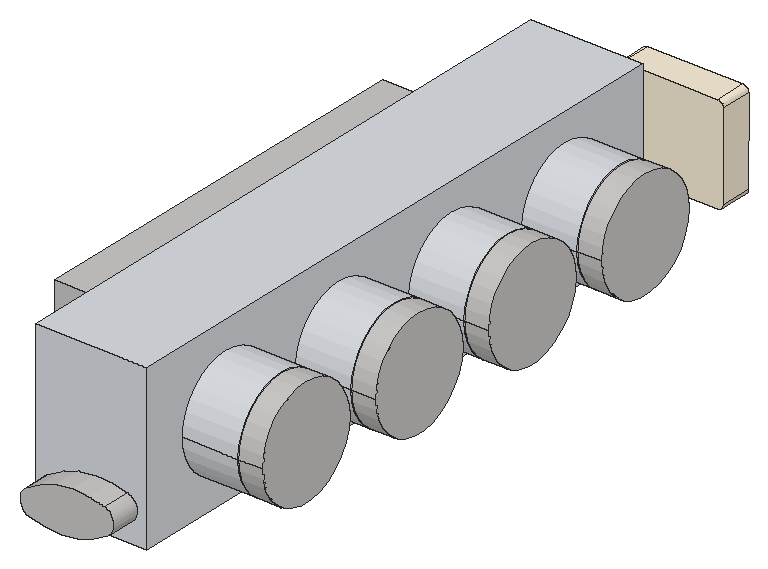
Revit family "HVAC_Ductwork_Airzone_Motorized-Plenum_LG_Standard_4-Dampers", category Mechanical Equipment, Revit 2016
Family settings
  Part Type = Normal
  Round Connector Dimension = Use Diameter
  OmniClass Number = 23.75.70.14
  OmniClass Title = Air Ductwork
  Work Plane-Based = No
  Always vertical = Yes
  Cut with Voids When Loaded = No
  Shared = No
  Room Calculation Point = No
Parameters (values of type "LGEST01S4")
  Voltage = 230 V
  URL = "www.airzone.es"
  Type Image Comments = "Image available in product documentation download"  # constant formula
  Revit Model Version = "1.0"  # constant formula
  Revit Model Author URL = "www.a3d.es"
  Revit Model Author = "A3D Consulting"  # constant formula
  Product Documentation Download URL = "http://doc.airzone.es/BIM/Easyzone/LG-Airzone_motorized_plenum.zip"
  Product Comments = "Refer to technical documentation for further details"  # constant formula
  Power Factor = 1
  Neck Width = 753.600 mm
  Neck Length = 95.000 mm
  Neck Height = 166.600 mm
  Material = Metal - AIRZONE - Galvanized Sheet - Semi-polished
  Main Control Board Material = Plastic - AIRZONE - Smooth - Off-white
  Load Classification = Other
  Insulated Body Width = 205.000 mm  # constant formula
  Insulated Body Material = Metal -AIRZONE - Insulating Lining -Aluminum Finish
  Insulated Body Length = 1140.000 mm  # constant formula
  Insulated Body Height = 300.000 mm  # constant formula
  Flow [instance] = Damper 4 Air Flow + Damper 3 Air Flow + Damper 2 Air Flow + Damper 1 Air Flow - Fresh Air Inlet 2 Flow - Fresh Air Inlet 1 Flow  # 1200 m³/h
  Fresh Air Inlet 1 Flow [instance] = 0 m³/h
  Fresh Air Inlet 2 Flow [instance] = 0 m³/h
  Fresh Air Inlet Connection Width = 175.000 mm
  Fresh Air Inlet Connection Height = 75.000 mm
  Model = "LGEST01S4"
  Neck Side Offset = 223.200 mm
  Neck Bottom Offset = 100.200 mm
  Type Image = <None>
  Manufacturer = "AIRZONE"  # constant formula
  Main Control Board Depth = 57.000 mm  # constant formula
  Main Control Board Width = 195.000 mm  # constant formula
  Main Control Board Height = 180.000 mm  # constant formula
  Fixing = ""
  Disclaimer = "All information provided in this model is reviewed before being published. However, Airzone cannot guarantee this model is error-free, therefore users are strongly encouraged to check for technical documentation and updates"  # constant formula
  Description = "Airzone standard motorized plenum with neck that mechanically adapts to the main ducted AC units of LG."
  Type Comments = ""
  Dampers Length = 149.000 mm  # constant formula
  Dampers Diameter = 200.000 mm  # constant formula
  Damper 4 Air Flow [instance] = 300 m³/h
  Damper 1 Air Flow [instance] = 300 m³/h
  Damper 2 Air Flow [instance] = 300 m³/h
  Damper 3 Air Flow [instance] = 300 m³/h
  Fresh Air Inlet Connection Offset Height = 48.305 mm  # constant formula
  Compatible Accesories = ""
  Apparent Load = 57.5 VA
Types (4, lengths in mm): name | Neck Width | Neck Height | Model | Neck Side Offset | Neck Bottom Offset
  LGEST02M4 | 860.600 | 203.600 | "LGEST02M4" | 139.700 | 63.200
  LGEST02S4 | 860.600 | 203.600 | "LGEST02S4" | 139.850 | 63.200
  LGEST01M4 | 833.600 | 189.600 | "LGEST01M4" | 164.200 | 77.200
  LGEST01S4 | 753.600 | 166.600 | "LGEST01S4" | 223.200 | 100.200
Reference planes
  plane 1 "Center (Front/Back)": y = 0
  plane 2 "Center (Elevation)": z = 0
  plane 3 "Center (Left/Right)": x = 0
  plane 4 "Neck Back": y = 376.8
  plane 5 "Neck Front": y = -376.8
  plane 6 "Neck Top": z = 83.3
  plane 7 "Neck Bottom": z = -83.3
  plane 8 "Left": x = 95
  plane 9 "Bottom": z = -183.5
  plane 10 "Top": z = 116.5
  plane 11 "Front": y = -540
  plane 12 "Back": y = 600
  plane 13 "Right": x = 300
  plane 14 "Dampers Front": x = 449
  plane 15 "Dampers Center (Elevation)": z = -33.5
  plane 16 "Damper3": y = -100
  plane 17 "Damper2": y = 160
  plane 18 "Damper1": y = 420
  plane 19 "Middle": y = 30
  plane 20 "FreshAir Center (Elevation)": z = -135.195
  plane 21 "FreshAir1": y = 652.5
  plane 22 "FreshAir2": y = -592.5
  plane 23 "Dampers Lining": x = 404
  plane 24 "FreshAir Vertical Axis": x = 195.83
  plane 25 "ConnectionBox Side": x = 254
  plane 26 "Main Control Board Center (Left/Right)": x = 351.5
  plane 27 "Damper4": y = -360
Forms (mm)
  Extrusion 1, solid, material "Metal - AIRZONE - Galvanized Sheet - Semi-polished" <- "Material"
    sketch origin (0, 0, 0) x (0, 1, 0) y (0, 0, 1)
      loop
        line (-376.8, 83.3) -> (-376.8, -83.3) -> (376.8, -83.3) -> (376.8, 83.3) -> (-376.8, 83.3)
    from 0 to 95
  Extrusion 2, solid, material "Metal -AIRZONE - Insulating Lining -Aluminum Finish" <- "Insulated Body Material"
    sketch origin (95, 0, 0) x (0, 1, 0) y (0, 0, 1)
      loop
        line (-540, 116.5) -> (-540, -183.5) -> (600, -183.5) -> (600, 116.5) -> (-540, 116.5)
    from 0 to 205
  Extrusion 3, solid, material "Metal - AIRZONE - Galvanized Sheet - Semi-polished" <- "Material"
    sketch origin (300, 0, 0) x (0, 1, 0) y (0, 0, 1)
      loop
        circle (-100, -33.5) r 100
    from 104 to 149
  Extrusion 4, solid, material "Metal - AIRZONE - Galvanized Sheet - Semi-polished" <- "Material"
    sketch origin (300, 0, 0) x (0, 1, 0) y (0, 0, 1)
      loop
        circle (160, -33.5) r 100
    from 104 to 149
  Extrusion 5, solid, material "Metal - AIRZONE - Galvanized Sheet - Semi-polished" <- "Material"
    sketch origin (300, 0, 0) x (0, 1, 0) y (0, 0, 1)
      loop
        circle (420, -33.5) r 100
    from 104 to 149
  Extrusion 6, solid, material "Metal - AIRZONE - Galvanized Sheet - Semi-polished" <- "Material"
    sketch origin (0, -540, 0) x (0, 0, 1) y (1, 0, 0)
      loop
        arc (-102.641, 265.204) -> (-124.108, 282.105) -> (-148.812, 270.434) r 25.96
        arc (-148.812, 270.434) -> (-174.802, 200.598) -> (-167.349, 126.456) r 164.67
        arc (-167.349, 126.456) -> (-146.165, 109.589) -> (-121.494, 120.751) r 25.96
        arc (-121.494, 120.751) -> (-95.225, 190.78) -> (-102.641, 265.204) r 164.67
    from 0 to -52.5
  Extrusion 7, solid, material "Metal - AIRZONE - Galvanized Sheet - Semi-polished" <- "Material"
    sketch origin (0, 600, 0) x (0, 0, 1) y (1, 0, 0)
      loop
        arc (-102.641, 265.204) -> (-123.825, 282.071) -> (-148.496, 270.909) r 25.96
        arc (-148.496, 270.909) -> (-174.679, 201.53) -> (-167.767, 127.699) r 164.67
        arc (-167.767, 127.699) -> (-146.532, 109.637) -> (-121.178, 121.226) r 25.96
        arc (-121.178, 121.226) -> (-95.188, 191.062) -> (-102.641, 265.204) r 164.67
    from 0 to 52.5
  Extrusion 8, solid, material "Metal -AIRZONE - Insulating Lining -Aluminum Finish" <- "Insulated Body Material"
    sketch origin (300, 0, 0) x (0, 1, 0) y (0, 0, 1)
      loop
        circle (420, -33.5) r 100
    from 0 to 104
  Extrusion 9, solid, material "Metal -AIRZONE - Insulating Lining -Aluminum Finish" <- "Insulated Body Material"
    sketch origin (300, -260, 0) x (0, 1, 0) y (0, 0, 1)
      loop
        circle (420, -33.5) r 100
    from 0 to 104
  Extrusion 10, solid, material "Metal -AIRZONE - Insulating Lining -Aluminum Finish" <- "Insulated Body Material"
    sketch origin (300, -520, 0) x (0, 1, 0) y (0, 0, 1)
      loop
        circle (420, -33.5) r 100
    from 0 to 104
  Extrusion 11, solid, material "Metal - AIRZONE - Galvanized Sheet - Semi-polished" <- "Material"
    sketch origin (300, -190, 0) x (0, 1, 0) y (0, 0, 1)
      loop
        circle (-170, -33.5) r 100
    from 104 to 149
  Extrusion 12, solid, material "Metal -AIRZONE - Insulating Lining -Aluminum Finish" <- "Insulated Body Material"
    sketch origin (300, -710, 0) x (0, 1, 0) y (0, 0, 1)
      loop
        circle (350, -33.5) r 100
    from 0 to 104
Lines and regions (mm)
  Masking region 1
    outline origin (0, 0, 0) x (1, 0, 0) y (0, 1, 0)
      loop
        line (95, 600) -> (95, -540) -> (300, -540) -> (300, 600) -> (95, 600)
  Masking region 2, detail levels medium+fine
    outline origin (0, 0, 0) x (1, 0, 0) y (0, 1, 0)
      loop
        line (0, 376.8) -> (0, -376.8) -> (95, -376.8) -> (95, 376.8) -> (0, 376.8)
  Masking region 3, detail levels medium+fine
    outline origin (0, 0, 0) x (1, 0, 0) y (0, 1, 0)
      loop
        line (300, 0) -> (300, -200) -> (449, -200) -> (449, 0) -> (300, 0)
  Masking region 4, detail levels medium+fine
    outline origin (0, 260, 0) x (1, 0, 0) y (0, 1, 0)
      loop
        line (300, 0) -> (300, -200) -> (449, -200) -> (449, 0) -> (300, 0)
  Masking region 5, detail levels medium+fine
    outline origin (0, 520, 0) x (1, 0, 0) y (0, 1, 0)
      loop
        line (300, 0) -> (300, -200) -> (449, -200) -> (449, 0) -> (300, 0)
  Masking region 6, detail levels medium+fine
    outline origin (0, 0, -135.195) x (1, 0, 0) y (0, 1, 0)
      loop
        line (108.33, 652.5) -> (108.33, 600) -> (283.33, 600) -> (283.33, 652.5) -> (108.33, 652.5)
  Masking region 7, detail levels medium+fine
    outline origin (0, 0, -135.195) x (1, 0, 0) y (0, 1, 0)
      loop
        line (108.33, -540) -> (108.33, -592.5) -> (283.33, -592.5) -> (283.33, -540) -> (108.33, -540)
  Masking region 8, detail levels medium+fine
    outline origin (0, 0, 116.5) x (0, -1, 0) y (1, 0, 0)
      loop
        line (-657, 254) -> (-600, 254) -> (-600, 449) -> (-657, 449) -> (-657, 254)
  Masking region 9, detail levels medium+fine
    outline origin (0, -190, 0) x (1, 0, 0) y (0, 1, 0)
      loop
        line (300, -70) -> (300, -270) -> (449, -270) -> (449, -70) -> (300, -70)
  symbolic lines, detail levels coarse
    curve 1: line (95, -540, 0) -> (300, 30, 0)
    curve 2: line (300, 30, 0) -> (95, 600, 0)
Dimensions and locks
  equal spacing: plane 4 "Neck Back", plane 1 "Center (Front/Back)", plane 5 "Neck Front"
  "Neck Width": plane 4 "Neck Back" to plane 5 "Neck Front"
  equal spacing: plane 6 "Neck Top", level, plane 7 "Neck Bottom"
  "Neck Height": plane 6 "Neck Top" to plane 7 "Neck Bottom"
  "Neck Length": plane 3 "Center (Left/Right)" to plane 8 "Left"
  "Neck Bottom Offset": plane 7 "Neck Bottom" to plane 9 "Bottom"
  "Insulated Body Height": plane 10 "Top" to plane 9 "Bottom"
  "Insulated Body Length": plane 12 "Back" to plane 11 "Front"
  "Insulated Body Width": plane 8 "Left" to plane 13 "Right"
  "Dampers Length": plane 13 "Right" to plane 14 "Dampers Front"
  equal spacing: plane 10 "Top", plane 15 "Dampers Center (Elevation)", plane 9 "Bottom"
  equal spacing: plane 12 "Back", plane 19 "Middle", plane 11 "Front"
  plane 8 "Left" to plane 13 "Right" = 205.000 mm
  "Fresh Air Inlet Connection Offset Height": plane 20 "FreshAir Center (Elevation)" to plane 9 "Bottom"
  locked: Extrusion 6 sketch curve to plane 9 "Bottom" at 56.47
  locked: plane 13 "Right" to Extrusion 6 sketch curve at 43.69
  locked: plane 13 "Right" to Extrusion 6 sketch curve at 164.65
  locked: Extrusion 6 sketch curve to plane 9 "Bottom" at 40.54
  locked: plane 13 "Right" to Extrusion 6 sketch curve at 87.91
  locked: plane 9 "Bottom" to Extrusion 6 sketch curve at 75.01
  locked: plane 13 "Right" to Extrusion 6 sketch curve at 120.43
  locked: Extrusion 6 sketch curve to plane 9 "Bottom" at 172.02
  locked: plane 13 "Right" to Extrusion 7 sketch curve at 43.69
  locked: Extrusion 7 sketch curve to plane 9 "Bottom" at 56.47
  locked: Extrusion 7 sketch curve to plane 9 "Bottom" at 40.54
  locked: plane 13 "Right" to Extrusion 7 sketch curve at 164.65
  locked: plane 13 "Right" to Extrusion 7 sketch curve at 120.43
  locked: Extrusion 7 sketch curve to plane 9 "Bottom" at 172.02
  locked: plane 9 "Bottom" to Extrusion 7 sketch curve at 75.01
  locked: plane 13 "Right" to Extrusion 7 sketch curve at 87.91
  "Neck Side Offset": plane 12 "Back" to plane 4 "Neck Back"
  locked: plane 21 "FreshAir1" to plane 12 "Back" at 52.5
  plane 11 "Front" to plane 22 "FreshAir2" = 52.500 mm
  locked: connector elem to plane 13 "Right" at 104.17
  locked: plane 20 "FreshAir Center (Elevation)" to connector elem
  locked: plane 13 "Right" to connector elem at 104.17
  locked: connector elem to plane 20 "FreshAir Center (Elevation)"
  locked: plane 23 "Dampers Lining" to plane 14 "Dampers Front" at 45
  locked: plane 24 "FreshAir Vertical Axis" to plane 13 "Right" at 104.17
  equal spacing: Masking region 3 sketch curve, plane 16 "Damper3", Masking region 3 sketch curve
  "Dampers Diameter": Masking region 3 sketch curve to Masking region 3 sketch curve
  "Dampers Diameter": Masking region 4 sketch curve to Masking region 4 sketch curve
  equal spacing: Masking region 5 sketch curve, plane 18 "Damper1", Masking region 5 sketch curve
  "Dampers Diameter": Masking region 5 sketch curve to Masking region 5 sketch curve
  equal spacing: Masking region 6 sketch curve, plane 24 "FreshAir Vertical Axis", Masking region 6 sketch curve
  "Fresh Air Inlet Connection Width": Masking region 6 sketch curve to Masking region 6 sketch curve
  equal spacing: Masking region 7 sketch curve, plane 24 "FreshAir Vertical Axis", Masking region 7 sketch curve
  "Fresh Air Inlet Connection Width": Masking region 7 sketch curve to Masking region 7 sketch curve
  "Main Control Board Depth": Masking region 8 sketch curve to plane 12 "Back"
  "Main Control Board Width": plane 25 "ConnectionBox Side" to plane 14 "Dampers Front"
  equal spacing: plane 25 "ConnectionBox Side", plane 26 "Main Control Board Center (Left/Right)", plane 14 "Dampers Front"
  locked: nested 1 to plane 10 "Top" at 10
  equal spacing: Masking region 4 sketch curve, plane 17 "Damper2", Masking region 4 sketch curve
  equal spacing: Masking region 9 sketch curve, plane 27 "Damper4", Masking region 9 sketch curve
  "Dampers Diameter": Masking region 9 sketch curve to Masking region 9 sketch curve
  plane 18 "Damper1" to plane 17 "Damper2" to plane 16 "Damper3" to plane 27 "Damper4" = 260.000 mm locked, 260.000 mm locked, 260.000 mm locked
  locked: plane 17 "Damper2" to plane 19 "Middle" at 130
  "Dampers Diameter": diameter of Extrusion 3 sketch curve
  "Dampers Diameter": diameter of Extrusion 4 sketch curve
  "Dampers Diameter": diameter of Extrusion 5 sketch curve
  radius of Extrusion 7 sketch curve = 164.670 mm  (x2)
  radius of Extrusion 7 sketch curve = 25.960 mm  (x2)
  radius of Extrusion 6 sketch curve = 164.670 mm  (x2)
  radius of Extrusion 6 sketch curve = 25.960 mm  (x2)
  "Dampers Diameter": diameter of Extrusion 8 sketch curve
  "Dampers Diameter": diameter of Extrusion 9 sketch curve
  "Dampers Diameter": diameter of Extrusion 10 sketch curve
  "Dampers Diameter": diameter of Extrusion 11 sketch curve
  "Dampers Diameter": diameter of Extrusion 12 sketch curve
  aligned and locked: level to plane 2 "Center (Elevation)"
  aligned and locked: plane 5 "Neck Front" to Extrusion 1 sketch curve
  aligned and locked: Extrusion 1 sketch curve to plane 6 "Neck Top"
  aligned and locked: Extrusion 1 sketch curve to plane 4 "Neck Back"
  aligned and locked: plane 7 "Neck Bottom" to Extrusion 1 sketch curve
  aligned and locked: Extrusion 1 to plane 3 "Center (Left/Right)"
  aligned and locked: Extrusion 2 sketch curve to plane 10 "Top"
  aligned and locked: Extrusion 2 sketch curve to plane 12 "Back"
  aligned and locked: plane 9 "Bottom" to Extrusion 2 sketch curve
  aligned and locked: plane 11 "Front" to Extrusion 2 sketch curve
  aligned and locked: plane 13 "Right" to Extrusion 2
  aligned and locked: Extrusion 2 to plane 8 "Left"
  aligned and locked: plane 16 "Damper3" to Extrusion 3 sketch curve
  aligned and locked: plane 15 "Dampers Center (Elevation)" to Extrusion 3 sketch curve
  aligned and locked: plane 15 "Dampers Center (Elevation)" to Extrusion 4 sketch curve
  aligned and locked: plane 18 "Damper1" to Extrusion 5 sketch curve
  aligned and locked: plane 15 "Dampers Center (Elevation)" to Extrusion 5 sketch curve
  aligned and locked: plane 14 "Dampers Front" to Extrusion 5
  aligned and locked: plane 14 "Dampers Front" to Extrusion 4
  aligned and locked: plane 14 "Dampers Front" to Extrusion 3
  aligned and locked: plane 8 "Left" to Extrusion 1
  aligned and locked: plane 22 "FreshAir2" to Extrusion 6
  aligned and locked: plane 21 "FreshAir1" to Extrusion 7
  aligned and locked: Extrusion 7 to plane 12 "Back"
  aligned and locked: plane 11 "Front" to Extrusion 6
  aligned and locked: Extrusion 5 to plane 23 "Dampers Lining"
  aligned and locked: Extrusion 5 to Extrusion 4
  aligned and locked: Extrusion 4 to Extrusion 3
  aligned and locked: plane 23 "Dampers Lining" to Extrusion 8
  aligned and locked: Extrusion 10 to plane 13 "Right"
  aligned and locked: plane 23 "Dampers Lining" to Extrusion 10
  aligned and locked: Extrusion 9 to plane 13 "Right"
  aligned and locked: plane 23 "Dampers Lining" to Extrusion 9
  aligned and locked: Extrusion 8 to plane 13 "Right"
  aligned and locked: Extrusion 9 to Extrusion 8
  aligned and locked: plane 18 "Damper1" to Extrusion 8 sketch curve
  aligned and locked: plane 15 "Dampers Center (Elevation)" to Extrusion 8 sketch curve
  aligned and locked: plane 15 "Dampers Center (Elevation)" to Extrusion 9 sketch curve
  aligned and locked: plane 16 "Damper3" to Extrusion 10 sketch curve
  aligned and locked: plane 15 "Dampers Center (Elevation)" to Extrusion 10 sketch curve
  aligned and locked: Masking region 1 sketch curve to plane 12 "Back"
  aligned and locked: plane 8 "Left" to Masking region 1 sketch curve
  aligned and locked: Masking region 1 sketch curve to plane 13 "Right"
  aligned and locked: plane 11 "Front" to Masking region 1 sketch curve
  aligned and locked: plane 5 "Neck Front" to Masking region 2 sketch curve
  aligned and locked: plane 3 "Center (Left/Right)" to Masking region 2 sketch curve
  aligned and locked: Masking region 2 sketch curve to plane 4 "Neck Back"
  aligned and locked: Masking region 2 sketch curve to plane 8 "Left"
  aligned and locked: plane 13 "Right" to Masking region 3 sketch curve
  aligned and locked: Masking region 3 sketch curve to plane 14 "Dampers Front"
  aligned and locked: plane 13 "Right" to Masking region 4 sketch curve
  aligned and locked: Masking region 4 sketch curve to plane 14 "Dampers Front"
  aligned and locked: plane 13 "Right" to Masking region 5 sketch curve
  aligned and locked: Masking region 5 sketch curve to plane 14 "Dampers Front"
  aligned and locked: plane 12 "Back" to Masking region 6 sketch curve
  aligned and locked: Masking region 6 sketch curve to plane 21 "FreshAir1"
  aligned and locked: Masking region 7 sketch curve to plane 11 "Front"
  aligned and locked: Masking region 7 sketch curve to plane 22 "FreshAir2"
  aligned and locked: plane 12 "Back" to Masking region 8 sketch curve
  aligned and locked: Masking region 8 sketch curve to plane 14 "Dampers Front"
  aligned and locked: plane 25 "ConnectionBox Side" to Masking region 8 sketch curve
  aligned and locked: plane 17 "Damper2" to Extrusion 9 sketch curve
  aligned and locked: plane 17 "Damper2" to Extrusion 4 sketch curve
  aligned and locked: Masking region 9 sketch curve to plane 14 "Dampers Front"
  aligned and locked: plane 13 "Right" to Masking region 9 sketch curve
  aligned and locked: Extrusion 12 to plane 13 "Right"
  aligned and locked: plane 23 "Dampers Lining" to Extrusion 12
  aligned and locked: Extrusion 11 to plane 23 "Dampers Lining"
  aligned and locked: plane 14 "Dampers Front" to Extrusion 11
  aligned and locked: plane 15 "Dampers Center (Elevation)" to Extrusion 12 sketch curve
  aligned and locked: plane 27 "Damper4" to Extrusion 12 sketch curve
  aligned and locked: plane 15 "Dampers Center (Elevation)" to Extrusion 11 sketch curve
  aligned and locked: plane 27 "Damper4" to Extrusion 11 sketch curve
  aligned and locked: nested 1 to plane 26 "Main Control Board Center (Left/Right)"
Automatic sketch dimensions
  curve 2 to plane 8 "Left" = 0.000 mm
  curve 1 to plane 8 "Left" = 0.000 mm
  curve 2 to plane 13 "Right" = 0.000 mm
  curve 1 to plane 11 "Front" = 0.000 mm
  curve 2 to plane 19 "Middle" = 0.000 mm
  curve 2 to plane 12 "Back" = 0.000 mm
Nested families
  nested 1: "Airzone_Main-Control-Board" at (351.5, 600, 16.5) x (-1, 0, 0) z (0, 1, 0), Extrusion <- "Main Control Board Depth", Height <- "Main Control Board Height", Width <- "Main Control Board Width", Material <- "Main Control Board Material", type "Standard"
    with Width 195.000 mm, Material Plastic - AIRZONE - Smooth - Off-white, Height 180.000 mm, Extrusion 57.000 mm
Connectors
  hvac at (449, -100, -33.5), driven by "Damper 3 Air Flow", driven by "Dampers Diameter"
    settings: on Extrusion 3, index 1, duct flow 300 m³/h, flow factor 0, pres drop 0.0 Pa, loss coef 0, conn angle 0.00°, conn width 304.8 mm, conn height 304.8 mm, conn diameter 200 mm, duct sys type 1, conn prof type 0, flow config 0, flow direction 2, loss method 0, conn ref index -1, conn util no, is conn primary no, conn desc "Supply Air Out 3"
  hvac at (449, 160, -33.5), driven by "Damper 2 Air Flow", driven by "Dampers Diameter"
    settings: on Extrusion 4, index 2, duct flow 300 m³/h, flow factor 0, pres drop 0.0 Pa, loss coef 0, conn angle 0.00°, conn width 304.8 mm, conn height 304.8 mm, conn diameter 200 mm, duct sys type 1, conn prof type 0, flow config 0, flow direction 2, loss method 0, conn ref index -1, conn util no, is conn primary no, conn desc "Supply Air Out 2"
  hvac at (449, 420, -33.5), driven by "Damper 1 Air Flow", driven by "Dampers Diameter"
    settings: on Extrusion 5, index 3, duct flow 300 m³/h, flow factor 0, pres drop 0.0 Pa, loss coef 0, conn angle 0.00°, conn width 304.8 mm, conn height 304.8 mm, conn diameter 200 mm, duct sys type 1, conn prof type 0, flow config 0, flow direction 2, loss method 0, conn ref index -1, conn util no, is conn primary no, conn desc "Supply Air Out 1"
  hvac at (0, 0, 0), driven by "Flow", driven by "Neck Height", driven by "Neck Width"
    settings: on Extrusion 1, index 6, duct flow 1200 m³/h, flow factor 0, pres drop 0.0 Pa, loss coef 0, conn angle 0.00°, conn width 753.6 mm, conn height 166.6 mm, conn diameter 609.6 mm, duct sys type 1, conn prof type 1, flow config 1, flow direction 1, loss method 0, conn ref index -1, conn util no, is conn primary yes, conn desc "Supply Air In"
  hvac at (195.83, -592.5, -135.195), driven by "Fresh Air Inlet 2 Flow", driven by "Fresh Air Inlet Connection Width", driven by "Fresh Air Inlet Connection Height"
    settings: index 7, duct flow 0 m³/h, flow factor 0, pres drop 0.0 Pa, loss coef 0, conn angle 0.00°, conn width 175 mm, conn height 75 mm, conn diameter 609.6 mm, duct sys type 1, conn prof type 2, flow config 1, flow direction 1, loss method 0, conn ref index -1, conn util no, is conn primary no, conn desc "Fresh Air In 2"
  hvac at (195.83, 652.5, -135.195), driven by "Fresh Air Inlet 1 Flow", driven by "Fresh Air Inlet Connection Height", driven by "Fresh Air Inlet Connection Width"
    settings: index 8, duct flow 0 m³/h, flow factor 0, pres drop 0.0 Pa, loss coef 0, conn angle 0.00°, conn width 175 mm, conn height 75 mm, conn diameter 609.6 mm, duct sys type 1, conn prof type 2, flow config 1, flow direction 1, loss method 0, conn ref index -1, conn util no, is conn primary no, conn desc "Fresh Air In 1"
  hvac at (449, -360, -33.5), driven by "Damper 4 Air Flow", driven by "Dampers Diameter"
    settings: on Extrusion 11, index 9, duct flow 300 m³/h, flow factor 0, pres drop 0.0 Pa, loss coef 0, conn angle 0.00°, conn width 304.8 mm, conn height 304.8 mm, conn diameter 200 mm, duct sys type 1, conn prof type 0, flow config 0, flow direction 2, loss method 0, conn ref index -1, conn util no, is conn primary no, conn desc "Supply Air Out 4"
  electrical at (351.5, 657, 16.5), driven by "Load Classification", driven by "Voltage", driven by "Apparent Load", driven by "Power Factor"
    settings: on nested 1, index 10, voltage 230 V, apparent load 57.5 VA, apparent load phase1 0 VA, apparent load phase2 0 VA, apparent load phase3 0 VA, power factor 1, load classification "Other", number of poles 1, system type 30, power factor state 1, is connector primary yes, connector utility no, sub classification motor no, connector description "Power Supply"
Definition of nested family "Airzone_Main-Control-Board"
  Parameters (values of type "Standard")
    Width [instance] = 195.000 mm
    URL = "www.airzone.es"
    Revit Model Version = "1.0"  # constant formula
    Revit Model Author URL = "www.a3d.es"
    Revit Model Author = "A3D Consulting"  # constant formula
    Material [instance] = none
    Manufacturer = "AIRZONE"  # constant formula
    Height [instance] = 180.000 mm
    Extrusion [instance] = 57.000 mm
    Default Elevation = 0.000 mm
  Reference planes
    plane 1 "Center (Front/Back)": y = 0
    plane 2: z = 0
    plane 3 "Center (Left/Right)": x = 0
    plane 4: y = 90
    plane 5: y = -90
    plane 6: x = 97.5
    plane 7: x = -97.5
  Forms (mm)
    Extrusion 1, solid, material <- "Material"
      sketch origin (0, 0, 0) x (1, 0, 0) y (0, 1, 0)
        loop
          arc (-87.5, 90) -> (-94.571, 87.071) -> (-97.5, 80) r 10
          line (-97.5, 80) -> (-97.5, -80)
          arc (-97.5, -80) -> (-94.571, -87.071) -> (-87.5, -90) r 10
          line (-87.5, -90) -> (87.5, -90)
          arc (87.5, -90) -> (94.571, -87.071) -> (97.5, -80) r 10
          line (97.5, -80) -> (97.5, 80)
          arc (97.5, 80) -> (94.571, 87.071) -> (87.5, 90) r 10
          line (87.5, 90) -> (-87.5, 90)
      from 0 to 57 <- "Extrusion"
  Dimensions and locks
    equal spacing: plane 7, plane 3 "Center (Left/Right)", plane 6
    equal spacing: plane 4, plane 1 "Center (Front/Back)", plane 5
    "Width": plane 7 to plane 6
    "Height": plane 4 to plane 5
    radius of Extrusion 1 sketch curve = 10.000 mm  (x4)
    aligned and locked: level to plane 2
    aligned and locked: plane 5 to Extrusion 1 sketch curve
    aligned and locked: Extrusion 1 sketch curve to plane 6
    aligned and locked: Extrusion 1 sketch curve to plane 4
    aligned and locked: plane 7 to Extrusion 1 sketch curve
